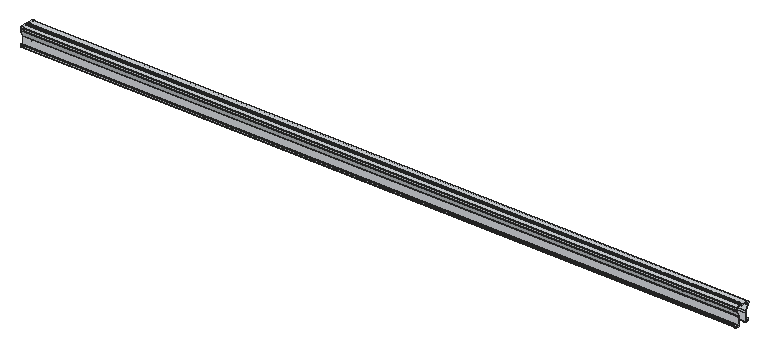
Revit family "33TSC3.00 20g Top Chord", category Structural Framing, Revit 2020
Family settings
  Section Shape = Not Defined
  Material for Model Behavior = Steel
  Always export as geometry = No
  OmniClass Number = 23.25.30.11.14.14
  OmniClass Title = Beams
  Always vertical = Yes
  Cut with Voids When Loaded = No
  Symbolic Representation = From Family
  Shared = No
  Show family pre-cut in plan views = Yes
Parameters
  Weight lbs per ft [instance] = 1.2277
  URL = "https://www.trussteel.com/details_files/pdf/ts008a.pdf"
  Total Member Weight lbs [instance] = Length / 1' 0" * Weight lbs per ft  # 12.277
  Structural Material = ASTM A653 SS Grade 55 G90
  Steel Design Thickness (in) [instance] = 0.0346
  Model = "33TSC3.00"
  Manufacturer = "TrusSteel"
  Length [instance] = 10' - 0"
  Fy (ksi) [instance] = 55
  Fu (ksi) [instance] = 65
  Description = "Chord"
  Cross Section Area (in2) [instance] = 0.3611
  Beam Height = 0' - 3"
  Beam Width = 0' - 2 1/2"
Reference planes (in)
  plane 1 "Center (Front/Back)": y = 0
  plane 2 "Center El.": z = 0
  plane 3 "Center (Left/Right)": x = 0
  plane 4 "Left": x = -60
  plane 5 "Right": x = 60
Forms (in)
  Extrusion 1, solid
    sketch origin (0, 0, 0) x (0, 1, 0) y (0, 0, 1)
      loop
        line (0.23958, -0.0346) -> (1.1214, -0.0346)
        arc (1.1214, -0.0346) -> (1.18787, -0.06213) -> (1.2154, -0.1286) r 0.094
        line (1.2154, -0.1286) -> (1.2154, -0.41489)
        arc (1.2154, -0.41489) -> (1.20713, -0.49051) -> (1.18272, -0.56257) r 0.35
        line (1.18272, -0.56257) -> (0.78591, -1.41518)
        arc (0.78591, -1.41518) -> (0.75909, -1.49435) -> (0.75, -1.57746) r 0.3846
        line (0.75, -1.57746) -> (0.75, -2.9054)
        arc (0.75, -2.9054) -> (0.77771, -2.97229) -> (0.8446, -3) r 0.0946
        line (0.8446, -3) -> (1.1554, -3)
        arc (1.1554, -3) -> (1.22229, -2.97229) -> (1.25, -2.9054) r 0.0946
        line (1.25, -2.9054) -> (1.25, -2.7196)
        arc (1.25, -2.7196) -> (1.22229, -2.65271) -> (1.1554, -2.625) r 0.0946
        line (1.1554, -2.625) -> (1, -2.625) -> (1, -2.6596) -> (1.1554, -2.6596)
        arc (1.1554, -2.6596) -> (1.19783, -2.67717) -> (1.2154, -2.7196) r 0.06
        line (1.2154, -2.7196) -> (1.2154, -2.9054)
        arc (1.2154, -2.9054) -> (1.19783, -2.94783) -> (1.1554, -2.9654) r 0.06
        line (1.1554, -2.9654) -> (0.8446, -2.9654)
        arc (0.8446, -2.9654) -> (0.80217, -2.94783) -> (0.7846, -2.9054) r 0.06
        line (0.7846, -2.9054) -> (0.7846, -1.57746)
        arc (0.7846, -1.57746) -> (0.79287, -1.50183) -> (0.81728, -1.42978) r 0.35
        line (0.81728, -1.42978) -> (1.21409, -0.57717)
        arc (1.21409, -0.57717) -> (1.24091, -0.49799) -> (1.25, -0.41489) r 0.3846
        line (1.25, -0.41489) -> (1.25, -0.1286)
        arc (1.25, -0.1286) -> (1.21233, -0.03767) -> (1.1214, 0) r 0.1286
        line (1.1214, 0) -> (0.23958, 0)
        arc (0.23958, 0) -> (0.1912, -0.01186) -> (0.15379, -0.04476) r 0.1046
        arc (0.15379, -0.04476) -> (0, -0.125) -> (-0.15379, -0.04476) r 0.1875
        arc (-0.15379, -0.04476) -> (-0.1912, -0.01186) -> (-0.23958, 0) r 0.1046
        line (-0.23958, 0) -> (-1.1214, 0)
        arc (-1.1214, 0) -> (-1.21233, -0.03767) -> (-1.25, -0.1286) r 0.1286
        line (-1.25, -0.1286) -> (-1.25, -0.41489)
        arc (-1.25, -0.41489) -> (-1.24091, -0.49799) -> (-1.21409, -0.57717) r 0.3846
        line (-1.21409, -0.57717) -> (-0.81728, -1.42978)
        arc (-0.81728, -1.42978) -> (-0.79287, -1.50183) -> (-0.7846, -1.57746) r 0.35
        line (-0.7846, -1.57746) -> (-0.7846, -2.9054)
        arc (-0.7846, -2.9054) -> (-0.80217, -2.94783) -> (-0.8446, -2.9654) r 0.06
        line (-0.8446, -2.9654) -> (-1.1554, -2.9654)
        arc (-1.1554, -2.9654) -> (-1.19783, -2.94783) -> (-1.2154, -2.9054) r 0.06
        line (-1.2154, -2.9054) -> (-1.2154, -2.7196)
        arc (-1.2154, -2.7196) -> (-1.19783, -2.67717) -> (-1.1554, -2.6596) r 0.06
        line (-1.1554, -2.6596) -> (-1, -2.6596) -> (-1, -2.625) -> (-1.1554, -2.625)
        arc (-1.1554, -2.625) -> (-1.22229, -2.65271) -> (-1.25, -2.7196) r 0.0946
        line (-1.25, -2.7196) -> (-1.25, -2.9054)
        arc (-1.25, -2.9054) -> (-1.22229, -2.97229) -> (-1.1554, -3) r 0.0946
        line (-1.1554, -3) -> (-0.8446, -3)
        arc (-0.8446, -3) -> (-0.77771, -2.97229) -> (-0.75, -2.9054) r 0.0946
        line (-0.75, -2.9054) -> (-0.75, -1.57746)
        arc (-0.75, -1.57746) -> (-0.75909, -1.49435) -> (-0.78591, -1.41518) r 0.3846
        line (-0.78591, -1.41518) -> (-1.18272, -0.56257)
        arc (-1.18272, -0.56257) -> (-1.20713, -0.49051) -> (-1.2154, -0.41489) r 0.35
        line (-1.2154, -0.41489) -> (-1.2154, -0.1286)
        arc (-1.2154, -0.1286) -> (-1.18787, -0.06213) -> (-1.1214, -0.0346) r 0.094
        line (-1.1214, -0.0346) -> (-0.23958, -0.0346)
        arc (-0.23958, -0.0346) -> (-0.2072, -0.04254) -> (-0.18217, -0.06456) r 0.07
        arc (-0.18217, -0.06456) -> (0, -0.1596) -> (0.18217, -0.06456) r 0.2221
        arc (0.18217, -0.06456) -> (0.2072, -0.04254) -> (0.23958, -0.0346) r 0.07
    from -60 to 60
Dimensions and locks (in)
  equal spacing: plane 4 "Left", plane 3 "Center (Left/Right)", plane 5 "Right"
  "Length": plane 4 "Left" to plane 5 "Right"
  "Beam Width": Extrusion 1 to Extrusion 1
  "Beam Height": Extrusion 1 to Extrusion 1
  aligned and locked: level to plane 2 "Center El."
  aligned and locked: plane 4 "Left" to Extrusion 1
  aligned and locked: Extrusion 1 to plane 5 "Right"
Automatic sketch dimensions
  Extrusion 1 sketch curve to Extrusion 1 sketch curve = 0' - 0"  (x34)
  Extrusion 1 sketch curve to level = 0' - 0"  (x2)
  Extrusion 1 sketch curve to plane 1 "Center (Front/Back)" = 0' - 0"
  plane 1 "Center (Front/Back)" to Extrusion 1 sketch curve = 0' - 0.23958"
  plane 1 "Center (Front/Back)" to Extrusion 1 sketch curve = 0' - 0 3/4"
  Extrusion 1 sketch curve to Extrusion 1 sketch curve = 0' - 0.0346"  (x2)
  Extrusion 1 sketch curve to Extrusion 1 sketch curve = 0' - 0.00131"  (x2)
  Extrusion 1 sketch curve to Extrusion 1 sketch curve = 0' - 0.03137"  (x2)
  Extrusion 1 sketch curve to Extrusion 1 sketch curve = 0' - 0.06"  (x4)
  Extrusion 1 sketch curve to Extrusion 1 sketch curve = 0' - 0.62582"  (x2)
  Extrusion 1 sketch curve to Extrusion 1 sketch curve = 0' - 0.1554"  (x4)
  Extrusion 1 sketch curve to level = 0' - 0.0346"  (x2)
  Extrusion 1 sketch curve to Extrusion 1 sketch curve = 0' - 0.256"  (x2)
  Extrusion 1 sketch curve to Extrusion 1 sketch curve = 0' - 0.35"  (x2)
  Extrusion 1 sketch curve to level = 0' - 0.56257"  (x2)
  Extrusion 1 sketch curve to Extrusion 1 sketch curve = 0' - 0.31732"  (x2)
  Extrusion 1 sketch curve to level = 0' - 0.57717"  (x2)
  Extrusion 1 sketch curve to Extrusion 1 sketch curve = 0' - 0.03268"  (x2)
  Extrusion 1 sketch curve to level = 0' - 0.1046"
  Extrusion 1 sketch curve to plane 1 "Center (Front/Back)" = 0' - 0.23958"
  Extrusion 1 sketch curve to plane 1 "Center (Front/Back)" = 0' - 0 3/4"
  Extrusion 1 sketch curve to Extrusion 1 sketch curve = 0' - 0.85261"  (x2)
  Extrusion 1 sketch curve to Extrusion 1 sketch curve = 0' - 1.04754"  (x2)
  Extrusion 1 sketch curve to Extrusion 1 sketch curve = 0' - 0.2458"
  Extrusion 1 sketch curve to Extrusion 1 sketch curve = 0' - 0.1858"
  Extrusion 1 sketch curve to Extrusion 1 sketch curve = 0' - 0.07"
  level to Extrusion 1 sketch curve = 0' - 0 1/16"
